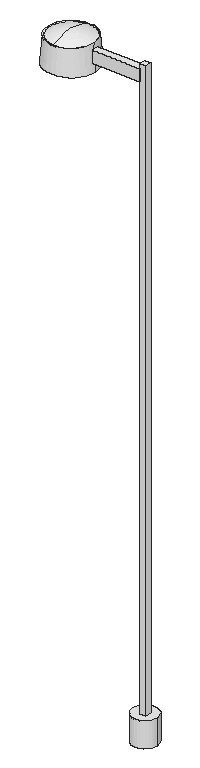
Revit family "Street Light", category Lighting Fixtures, Revit 2015
Parameters (values of type "400W Halogen - 480V")
  Wattage = 400 W
  built-in parameter 1150110 = 1 (stored number, unit not read)
  built-in parameter 1114217 = 1 (stored number, unit not read)
  built-in parameter 1150109 = 1 (stored number, unit not read)
  built-in parameter 1150134 = 3
  built-in parameter 1150113 = 1 (stored number, unit not read)
  Material [instance] = none
  built-in parameter 1150115 = 1 (stored number, unit not read)
  built-in parameter 1150105 = 795.77 (stored number, unit not read)
  Load Classification = Lighting - Exterior
  Light Source Symbol Size = 300 mm
  built-in parameter 1150137 = 1
  built-in parameter 1150139 = (empty or 0)
  built-in parameter 1150112 = 1 (stored number, unit not read)
  built-in parameter 1150114 = 1 (stored number, unit not read)
  built-in parameter 1150132 = (empty or 0)
  built-in parameter 1150102 = (empty or 0)
  built-in parameter 1150138 = (empty or 0)
  built-in parameter 1150107 = 3200 (stored number, unit not read)
  built-in parameter 1150106 = 7.9577 (stored number, unit not read)
  Height = 7500 mm
  Lamp = "T-3"
  Lumens = 10000 lm
  Wattage Comments = "400"
  built-in parameter 1150104 = 2.3226 (stored number, unit not read)
  Dimming Lamp Color Temperature Shift = <None>
  Color Filter = 16777215
  Ballast Voltage = 480 V
  Ballast Number of Poles = 3
  built-in parameter 1114218 = 1 (stored number, unit not read)
  built-in parameter 1150133 = 10 (stored number, unit not read)
  Apparent Load = 400 VA
Types (10, lengths in mm): name | Wattage | built-in parameter 1150134 | built-in parameter 1150105 | Light Source Symbol Size | built-in parameter 1150107 | built-in parameter 1150106 | Lamp | Lumens | Wattage Comments | built-in parameter 1150104 | Ballast Voltage | Ballast Number of Poles | Apparent Load
  (no name) | 400 W | 3 | 795.77 (stored number, unit not read) | 300 | 3200 (stored number, unit not read) | 7.9577 (stored number, unit not read) | "T-3" | 10000 lm | "400" | 2.3226 (stored number, unit not read) | 480 V | 3 | 400 VA
  400W Halogen - 120V | 400 W | 3 | 795.77 (stored number, unit not read) | 609.6 | 3200 (stored number, unit not read) | 7.9577 (stored number, unit not read) | "T-3" | 10000 lm | "400" | 2.3226 (stored number, unit not read) | 120 V | 1 | 400 VA
  250W Sodium - 120V | 250 W | 13 | 2307.7 (stored number, unit not read) | 609.6 | 2100 (stored number, unit not read) | 23.077 (stored number, unit not read) | "E-18" | 29000 lm | "250" | 10.777 (stored number, unit not read) | 120 V | 1 | 250 VA
  250W Halogen - 120V | 250 W | 3 | 397.89 (stored number, unit not read) | 609.6 | 3200 (stored number, unit not read) | 3.9789 (stored number, unit not read) | "T-4" | 5000 lm | "250" | 1.8581 (stored number, unit not read) | 120 V | 1 | 250 VA
  250W Halogen - 277V | 250 W | 3 | 397.89 (stored number, unit not read) | 609.6 | 3200 (stored number, unit not read) | 3.9789 (stored number, unit not read) | "T-4" | 5000 lm | "250" | 1.8581 (stored number, unit not read) | 277 V | 1 | 250 VA
  250W Halogen - 480V | 250 W | 3 | 397.89 (stored number, unit not read) | 609.6 | 3200 (stored number, unit not read) | 3.9789 (stored number, unit not read) | "T-4" | 5000 lm | "250" | 1.8581 (stored number, unit not read) | 480 V | 3 | 250 VA
  250W Sodium - 277V | 250 W | 13 | 2307.7 (stored number, unit not read) | 609.6 | 2100 (stored number, unit not read) | 23.077 (stored number, unit not read) | "E-18" | 29000 lm | "250" | 10.777 (stored number, unit not read) | 277 V | 1 | 250 VA
  250W Sodium - 480V | 250 W | 12 | 2307.7 (stored number, unit not read) | 609.6 | 4000 (stored number, unit not read) | 23.077 (stored number, unit not read) | "E-18" | 29000 lm | "250" | 10.777 (stored number, unit not read) | 480 V | 3 | 250 VA
  400W Halogen - 277V | 400 W | 3 | 795.77 (stored number, unit not read) | 609.6 | 3200 (stored number, unit not read) | 7.9577 (stored number, unit not read) | "T-3" | 10000 lm | "400" | 2.3226 (stored number, unit not read) | 277 V | 1 | 400 VA
  400W Halogen - 480V | 400 W | 3 | 795.77 (stored number, unit not read) | 300 | 3200 (stored number, unit not read) | 7.9577 (stored number, unit not read) | "T-3" | 10000 lm | "400" | 2.3226 (stored number, unit not read) | 480 V | 3 | 400 VA
Reference planes
  plane 1 "Light Source Axis": y = 0
  plane 2: z = 0
  plane 3 "Center": x = 0
  plane 4: z = 7500
  plane 5 "Light Source Elevation": z = 7195.2
  plane 6 "Base": z = 304.8
  plane 7 "Light Source Axis": x = -914.4
  plane 8 "Top": z = 7449.2
  plane 9: z = 7296.8
  plane 10: y = 0
  plane 11: y = 0
Forms (mm)
  Extrusion 1, solid, material <- "Material"
    sketch origin (0, 0, 0) x (1, 0, 0) y (0, 1, 0)
      loop
        circle (0, 0) r 152.4
    from 0 to 304.8
  Extrusion 2, solid, material <- "Material"
    sketch origin (0, 0, 0) x (1, 0, 0) y (0, 1, 0)
      loop
        line (-38.1, 38.1) -> (-38.1, -38.1) -> (38.1, -38.1) -> (38.1, 38.1) -> (-38.1, 38.1)
    from 304.8 to 7500
  Extrusion 3, solid, material <- "Material"
    sketch origin (0, 0, 0) x (1, 0, 0) y (0, 1, 0)
      loop
        line (-38.1, 38.1) -> (-914.4, 38.1) -> (-914.4, -38.1) -> (-38.1, -38.1) -> (-38.1, 38.1)
    from 7296.8 to 7449.2
  Blend 4, solid, material <- "Material"
    base sketch origin (0, 0, 0) x (1, 0, 0) y (0, 1, 0)
      loop
        circle (-914.4, 0) r 304.8
    top sketch origin (0, 0, 0) x (1, 0, 0) y (0, 1, 0)
      loop
        circle (-914.4, 0) r 279.4
    from 7195.2 to 7500
  Revolve 5, solid, material "Glass"
    sketch origin (-914.4, 0, 0) x (0, 0, -1) y (0, -1, 0)
      loop
        arc (-7195.2, -266.7) -> (-7144.968, -137.236) -> (-7123.738, 0) r 642.256
        line (-7123.738, 0) -> (-7136.438, 0) -> (-7195.2, -228.633) -> (-7195.2, -266.7)
      axis (-7195.2, 0) -> (-7123.738, 0)
    angle from 0 to 360
  Revolve 6, solid, material <- "Material"
    sketch origin (-914.4, 0, 14935.2) x (0, 0, 1) y (0, 1, 0)
      loop
        line (-7435.2, 266.7) -> (-7435.2, 228.633) -> (-7376.438, 0) -> (-7363.738, 0)
        arc (-7363.738, 0) -> (-7384.968, 137.236) -> (-7435.2, 266.7) r 642.256
      axis (-7435.2, 0) -> (-7363.738, 0)
    angle from 0 to 360
Lines and regions (mm)
  Masking region 1
    outline origin (0, 0, 0) x (1, 0, 0) y (0, 1, 0)
      loop
        arc (-611.949, 38.1) -> (-933.487, 304.243) -> (-1219.241, 0) r 304.841
        arc (-1219.241, 0) -> (-933.487, -304.243) -> (-611.949, -38.1) r 304.841
        line (-611.949, -38.1) -> (38.1, -38.1) -> (38.1, 38.1) -> (-611.949, 38.1)
  Masking region 2
    outline origin (0, 0, 304.8) x (1, 0, 0) y (0, 1, 0)
      loop
        circle (0, 0) r 152.4
  symbolic lines, style "Exterior"
    curve 1: arc (152.4, 0, 304.8) -> (19.203, 151.185, 304.8) -> (-147.561, 38.1, 304.8) r 152.4
    curve 2: arc (-147.561, -38.1, 304.8) -> (19.203, -151.185, 304.8) -> (152.4, 0, 304.8) r 152.4
    curve 3: arc (12.7, 0, 0) -> (0, 12.7, 0) -> (-12.7, 0, 0) r 12.7
    curve 4: arc (-12.7, 0, 0) -> (0, -12.7, 0) -> (12.7, 0, 0) r 12.7
    curve 5: line (38.1, 38.1, 0) -> (-611.949, 38.1, 0)
    curve 6: line (38.1, -38.1, 0) -> (38.1, 38.1, 0)
    curve 7: line (-611.949, -38.1, 0) -> (38.1, -38.1, 0)
    curve 8: arc (-611.949, 38.1, 0) -> (-933.487, 304.243, 0) -> (-1219.241, 0, 0) r 304.841
    curve 9: arc (-1219.241, 0, 0) -> (-933.487, -304.243, 0) -> (-611.949, -38.1, 0) r 304.841
    curve 10: arc (-634.935, 0, 0) -> (-914.4, 279.465, 0) -> (-1193.865, 0, 0) r 279.465
    curve 11: arc (-1193.865, 0, 0) -> (-914.4, -279.465, 0) -> (-634.935, 0, 0) r 279.465
Dimensions and locks
  "Height": plane 4 to plane 2
  plane 7 "Light Source Axis" to plane 3 "Center" = 914.4 mm
  locked: plane 4 to plane 8 "Top" at 50.8
  locked: plane 8 "Top" to plane 9 at 152.4
  locked: plane 9 to plane 5 "Light Source Elevation" at 101.6
  aligned and locked: Extrusion 2 to Extrusion 1
  aligned and locked: Extrusion 2 to plane 4
  aligned and locked: Extrusion 3 sketch curve to Extrusion 2  (x2)
  aligned and locked: plane 7 "Light Source Axis" to Extrusion 3 sketch curve
  aligned and locked: plane 9 to Extrusion 3
  aligned and locked: plane 5 "Light Source Elevation" to Blend 4
  aligned and locked: Blend 4 to plane 4
  aligned and locked: Extrusion 3 to plane 8 "Top"
  aligned and locked: Masking region 1 sketch curve to curve 8
  aligned and locked: Masking region 1 sketch curve to curve 5
  aligned and locked: Masking region 1 sketch curve to curve 7
  aligned and locked: Masking region 1 sketch curve to Extrusion 2
  aligned and locked: plane 7 "Light Source Axis" to imposter light
  aligned and locked: imposter light to plane 1 "Light Source Axis"
  aligned and locked: plane 5 "Light Source Elevation" to imposter light
Automatic sketch dimensions
  Extrusion 1 sketch curve to plane 1 "Light Source Axis" = 0 mm
  Extrusion 1 sketch curve to plane 3 "Center" = 0 mm
  Extrusion 1 sketch curve to plane 3 "Center" = 152.4 mm
  plane 3 "Center" to Extrusion 2 sketch curve = 38.1 mm
  plane 1 "Light Source Axis" to Extrusion 2 sketch curve = 38.1 mm
  Extrusion 2 sketch curve to plane 1 "Light Source Axis" = 38.1 mm
  Extrusion 2 sketch curve to plane 3 "Center" = 38.1 mm
  plane 1 "Light Source Axis" to Extrusion 3 sketch curve = 38.1 mm
  Blend 4 sketch curve to plane 1 "Light Source Axis" = 0 mm  (x2)
  Blend 4 sketch curve to plane 7 "Light Source Axis" = 0 mm  (x2)
  Blend 4 sketch curve to Blend 4 sketch curve = 304.8 mm
  Blend 4 sketch curve to Blend 4 sketch curve = 279.4 mm
  Revolve 5 sketch curve to plane 1 "Light Source Axis" = 0 mm  (x2)
  Revolve 5 sketch curve to plane 5 "Light Source Elevation" = 0 mm  (x2)
  plane 9 to Revolve 5 sketch curve = 25.4 mm
  plane 1 "Light Source Axis" to Revolve 5 sketch curve = 28.992 mm
  Revolve 5 sketch curve to plane 4 = 265.339 mm
  plane 5 "Light Source Elevation" to Revolve 5 sketch curve = 58.762 mm
  Revolve 5 sketch curve to Revolve 5 sketch curve = 12.7 mm
  Revolve 5 sketch curve to Revolve 5 sketch curve = 38.067 mm
  Revolve 6 sketch curve to plane 1 "Light Source Axis" = 0 mm  (x2)
  plane 5 "Light Source Elevation" to Revolve 6 sketch curve = 265.339 mm
  plane 4 to Revolve 6 sketch curve = 76.2 mm
  Revolve 6 sketch curve to Revolve 6 sketch curve = 76.2 mm
  Revolve 6 sketch curve to plane 4 = 0 mm
  Revolve 6 sketch curve to Revolve 6 sketch curve = 58.762 mm
  Revolve 6 sketch curve to Revolve 6 sketch curve = 12.7 mm
  plane 1 "Light Source Axis" to Revolve 6 sketch curve = 28.992 mm
  Revolve 6 sketch curve to Revolve 6 sketch curve = 38.067 mm
  curve 8 to curve 9 = 0 mm
  curve 8 to curve 10 = 0 mm  (x2)
  curve 9 to plane 1 "Light Source Axis" = 0 mm
  curve 8 to plane 7 "Light Source Axis" = 0 mm
  curve 3 to plane 1 "Light Source Axis" = 0 mm
  plane 7 "Light Source Axis" to curve 11 = 279.465 mm
  curve 8 to curve 10 = 25.376 mm
  plane 1 "Light Source Axis" to curve 9 = 38.1 mm
  curve 3 to plane 3 "Center" = 12.7 mm
  plane 3 "Center" to curve 5 = 38.1 mm
  Masking region 1 sketch curve to Masking region 1 sketch curve = 0 mm
  Masking region 2 sketch curve to plane 1 "Light Source Axis" = 0 mm
  Masking region 2 sketch curve to plane 3 "Center" = 0 mm
  Masking region 2 sketch curve to plane 3 "Center" = 152.4 mm
  curve 8 to plane 1 "Light Source Axis" = 38.1 mm
  curve 1 to plane 1 "Light Source Axis" = 0 mm
  curve 1 to plane 3 "Center" = 0 mm
  curve 1 to plane 3 "Center" = 147.561 mm
  curve 4 to plane 3 "Center" = 0 mm
  curve 1 to curve 2 = 0 mm
  plane 1 "Light Source Axis" to curve 2 = 38.1 mm
  curve 2 to curve 1 = 0 mm
Connectors
  electrical at (-914.4, 0, 7500), driven by "Apparent Load", driven by "Ballast Voltage", driven by "Ballast Number of Poles", driven by "Load Classification"
    settings: on Blend 4, index 1, voltage 480 V, apparent load 0 VA, apparent load phase1 400 VA, apparent load phase2 0 VA, apparent load phase3 0 VA, power factor 0.95, load classification "Lighting - Exterior", number of poles 3, system type 31, power factor state 1, is connector primary yes, connector utility no, sub classification motor no, connector description ""
